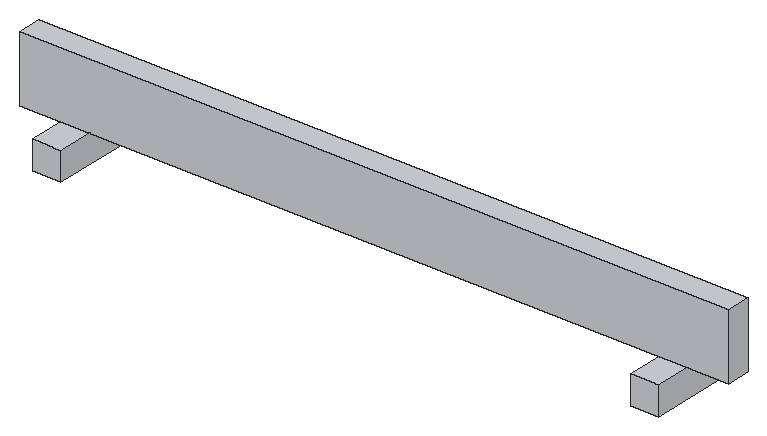
Revit family "АВЛН_Спортиные снаряды", category Мебель, Revit 2019
Family settings
  Номер OmniClass = 23.40.20.00
  Заголовок OmniClass = General Furniture and Specialties
  На основе рабочей плоскости = Нет
  Всегда вертикально = Да
  При загрузке вырезать с полостями = Нет
  Общий = Нет
  Точка расчета площади = Нет
Parameters (values of type "Бревно низкое тренировочное")
  Описание = "Бревно низкое тренировочное 3 м\r\n100х3000х300мм, алюминий"
  Конь = no
  Type Comments = ""
  Козел = no
  Keynote = ""
  Изготовитель = "Atlet Sports.ru"
  Группа модели = "Оборудование Спортивной зоны"
  Бревно = yes
  ADSK_Размер_Ширина = 100 mm
  ADSK_Размер_Длина = 3000 mm
  ADSK_Размер_Высота = 400 mm
  ADSK_Обозначение = ""
  ADSK_Масса = 0
  ADSK_Код изделия = ""
  ADSK_Единица измерения = "шт"  # constant formula
Types (4, lengths in mm): name | Описание | Конь | Бревно | ADSK_Размер_Ширина | ADSK_Размер_Длина | ADSK_Размер_Высота
  (no name) | "Бревно низкое тренировочное 3 м\r\n100х3000х300мм, алюминий" | no | yes | 100 | 3000 | 400
  Конь гимнастический | "Конь гимнастический 1600х350х280(h)мм\r\nВысота верхней поверхности корпуса от пола\r\n900…1350мм с интервалом 50мм" | yes | no | 350 | 1600 | 1350
  Козел гимнастический | "Козел гимнастический 600х300х250(h),мм\r\nВысота верхней поверхности корпуса от пола\r\n900…1350мм с интервалом 50мм" | no | no | 100 | 3000 | 1350
  Бревно низкое тренировочное | "Бревно низкое тренировочное 3 м\r\n100х3000х300мм, алюминий" | no | yes | 100 | 3000 | 400
Reference planes
  plane 1 "По центру (Вперед/Назад)": y = 0
  plane 2: z = 0
  plane 3 "По центру (Влево/Вправо)": x = 0
  plane 4: z = 400
  plane 5: y = 50
  plane 6: x = 1500
  plane 7: x = -1500
  plane 8: y = -50
Forms (mm)
  Extrusion 1, solid
    sketch origin (0, -518.993, 542.712) x (-1, 0, 0) y (0, -1, 0)
      loop
        line (-1500, -568.993) -> (1500, -568.993) -> (1500, -468.993) -> (-1500, -468.993) -> (-1500, -568.993)
    from -422.712 to -142.712
  Sweep 2, solid, visible <- "Конь"
    path origin (-94.264, -553.302, 835.156) x (-0.741369, 0.094134, -0.664463) y (0.094134, -0.965738, -0.241845)
      loop
        line (1271.588, -56.173) -> (-156.745, -576.044)
    profile origin (-537.276, -195.552, 541.219) x (-0.34202, 0.939693, 0) y (-0.664463, -0.241845, 0.707107)
      loop
        circle (0, 0) r 40
  Sweep 3, solid, visible <- "Конь"
    path origin (-94.264, 553.302, 835.156) x (-0.741369, -0.094134, -0.664463) y (-0.094134, -0.965738, 0.241845)
      loop
        line (1271.588, 56.173) -> (-156.745, 576.044)
    profile origin (-537.276, 195.552, 541.219) x (0.34202, 0.939693, 0) y (-0.664463, 0.241845, 0.707107)
      loop
        circle (0, 0) r 40
  Sweep 4, solid, visible <- "Конь"
    path origin (94.264, -553.302, 835.156) x (0.741369, 0.094134, -0.664463) y (0.094134, 0.965738, 0.241845)
      loop
        line (1271.588, 56.173) -> (-156.745, 576.044)
    profile origin (537.276, -195.552, 541.219) x (-0.34202, -0.939693, 0) y (0.664463, -0.241845, 0.707107)
      loop
        circle (0, 0) r 40
  Sweep 5, solid, visible <- "Конь"
    path origin (94.264, 553.302, 835.156) x (0.741369, -0.094134, -0.664463) y (-0.094134, 0.965738, -0.241845)
      loop
        line (1271.588, -56.173) -> (-156.745, -576.044)
    profile origin (537.276, 195.552, 541.219) x (0.34202, -0.939693, 0) y (0.664463, 0.241845, 0.707107)
      loop
        circle (0, 0) r 40
  Sweep 6, solid, visible <- "Козел"
    path origin (56.142, -498.559, 956.306) x (-0.418989, 0.211471, -0.883022) y (0.211471, -0.923031, -0.321394)
      loop
        line (1271.588, -56.173) -> (-156.745, -576.044)
    profile origin (-244.259, -88.903, 565.685) x (-0.34202, 0.939693, 0) y (-0.883022, -0.321394, 0.34202)
      loop
        circle (0, 0) r 40
  Sweep 7, solid, visible <- "Козел"
    path origin (56.142, 498.559, 956.306) x (-0.418989, -0.211471, -0.883022) y (-0.211471, -0.923031, 0.321394)
      loop
        line (1271.588, 56.173) -> (-156.745, 576.044)
    profile origin (-244.259, 88.903, 565.685) x (0.34202, 0.939693, 0) y (-0.883022, 0.321394, 0.34202)
      loop
        circle (0, 0) r 40
  Sweep 8, solid, visible <- "Козел"
    path origin (-56.142, -498.559, 956.306) x (0.418989, 0.211471, -0.883022) y (0.211471, 0.923031, 0.321394)
      loop
        line (1271.588, 56.173) -> (-156.745, 576.044)
    profile origin (244.259, -88.903, 565.685) x (-0.34202, -0.939693, 0) y (0.883022, -0.321394, 0.34202)
      loop
        circle (0, 0) r 40
  Sweep 9, solid, visible <- "Козел"
    path origin (-56.142, 498.559, 956.306) x (0.418989, -0.211471, -0.883022) y (-0.211471, 0.923031, -0.321394)
      loop
        line (1271.588, -56.173) -> (-156.745, -576.044)
    profile origin (244.259, 88.903, 565.685) x (0.34202, -0.939693, 0) y (0.883022, 0.321394, 0.34202)
      loop
        circle (0, 0) r 40
  Extrusion 10, solid, visible <- "Бревно"
    sketch origin (0, -518.993, 592.976) x (-1, 0, 0) y (0, -1, 0)
      loop
        line (1324.61, -718.993) -> (1324.61, -318.993) -> (1204.61, -318.993) -> (1204.61, -718.993) -> (1324.61, -718.993)
      loop
        line (-1324.61, -318.993) -> (-1324.61, -718.993) -> (-1204.61, -718.993) -> (-1204.61, -318.993) -> (-1324.61, -318.993)
    from -592.976 to -472.976
Lines and regions (mm)
  reference lines
    curve 1: line (1564.517, -189.659, 592.976) -> (-1677.28, 230.701, 592.976)
    curve 2: line (1545.723, 182.818, 592.976) -> (-1677.28, -230.701, 592.976)
Dimensions and locks
  plane 2 to plane 4 = 400 mm
  equal spacing: plane 8, plane 1 "По центру (Вперед/Назад)", plane 5
  equal spacing: plane 7, plane 3 "По центру (Влево/Вправо)", plane 6
  "ADSK_Размер_Длина": plane 7 to plane 6
  "ADSK_Размер_Ширина": plane 5 to plane 8
  "ADSK_Размер_Высота": plane 2 to plane 4
  locked: Extrusion 1 to plane 4 at 280
  Extrusion 10 sketch curve to plane 1 "По центру (Вперед/Назад)" to Extrusion 10 sketch curve = 200 mm locked, 200 mm locked  (x2)
  plane 7 to Extrusion 10 sketch curve to Extrusion 10 sketch curve = 175.39 mm locked, 120 mm locked
  plane 6 to Extrusion 10 sketch curve to Extrusion 10 sketch curve = 175.39 mm locked, 120 mm locked
  aligned and locked: level to plane 2
  aligned and locked: Extrusion 1 sketch curve to plane 5
  aligned and locked: plane 6 to Extrusion 1 sketch curve
  aligned and locked: Extrusion 1 sketch curve to plane 8
  aligned and locked: Extrusion 1 sketch curve to plane 7
  aligned and locked: Extrusion 1 to plane 4
  aligned and locked: Extrusion 10 to level
  aligned and locked: Extrusion 10 to Extrusion 1
Automatic sketch dimensions
  plane 6 to curve 1 = 64.517 mm
  plane 5 to curve 1 = 180.701 mm
  plane 6 to curve 2 = 45.723 mm
  curve 2 to plane 7 = 177.28 mm
  curve 1 to plane 7 = 177.28 mm
  plane 5 to curve 2 = 132.818 mm
  curve 1 to plane 8 = 139.659 mm
  curve 2 to plane 8 = 180.701 mm
  profile plane to Sweep 2 sketch curve = 0 mm  (x2)
  Sweep 2 sketch curve to Sweep 2 sketch curve = 1428.333 mm
  Sweep 2 sketch curve to Sweep 2 sketch curve = 519.871 mm
  Sweep 3 sketch curve to Sweep 3 sketch curve = 1428.333 mm
  Sweep 3 sketch curve to Sweep 3 sketch curve = 519.871 mm
  profile plane to Sweep 3 sketch curve = 0 mm
  Sweep 3 sketch curve to profile plane = 0 mm
  Sweep 4 sketch curve to Sweep 4 sketch curve = 1428.333 mm
  Sweep 4 sketch curve to Sweep 4 sketch curve = 519.871 mm
  Sweep 4 sketch curve to profile plane = 0 mm
  profile plane to Sweep 4 sketch curve = 0 mm
  Sweep 5 sketch curve to Sweep 5 sketch curve = 1428.333 mm
  Sweep 5 sketch curve to Sweep 5 sketch curve = 519.871 mm
  Sweep 5 sketch curve to profile plane = 0 mm  (x2)
  Sweep 6 sketch curve to Sweep 6 sketch curve = 1428.333 mm
  Sweep 6 sketch curve to Sweep 6 sketch curve = 519.871 mm
  profile plane to Sweep 6 sketch curve = 0 mm  (x2)
  Sweep 7 sketch curve to Sweep 7 sketch curve = 1428.333 mm
  Sweep 7 sketch curve to Sweep 7 sketch curve = 519.871 mm
  profile plane to Sweep 7 sketch curve = 0 mm
  Sweep 7 sketch curve to profile plane = 0 mm
  Sweep 8 sketch curve to Sweep 8 sketch curve = 1428.333 mm
  Sweep 8 sketch curve to Sweep 8 sketch curve = 519.871 mm
  Sweep 8 sketch curve to profile plane = 0 mm
  profile plane to Sweep 8 sketch curve = 0 mm
  Sweep 9 sketch curve to Sweep 9 sketch curve = 1428.333 mm
  Sweep 9 sketch curve to Sweep 9 sketch curve = 519.871 mm
  Sweep 9 sketch curve to profile plane = 0 mm  (x2)
  radius of Sweep 2 sketch curve = 40 mm
  radius of Sweep 3 sketch curve = 40 mm
  radius of Sweep 4 sketch curve = 40 mm
  radius of Sweep 5 sketch curve = 40 mm
  radius of Sweep 6 sketch curve = 40 mm
  radius of Sweep 7 sketch curve = 40 mm
  radius of Sweep 8 sketch curve = 40 mm
  radius of Sweep 9 sketch curve = 40 mm
